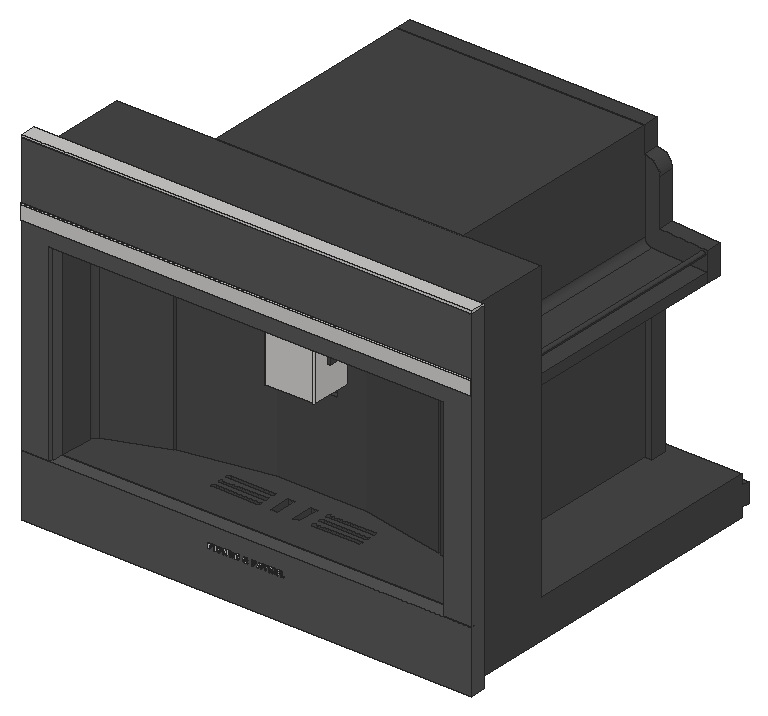
Revit family "FP_Revit_18_EB24DSXB1_Coffee_Maker_90000807A", category Specialty Equipment, Revit 2018
Family settings
  Round Connector Dimension = Use Diameter
  Part Type = Normal
  OmniClass Number = 23.40.40.14.17.31
  OmniClass Title = Small Specialized Cooking Equipment
  Work Plane-Based = No
  Always vertical = Yes
  Cut with Voids When Loaded = Yes
  Shared = No
  Room Calculation Point = No
Parameters (values of type "EB24DSXB1")
  Visibility - Clearance Required = yes
  URL = "www.fisherpaykel.com"
  Product - Width = 596 mm  # constant formula
  Product - Height = 458 mm  # constant formula
  Product - Depth = 480 mm  # constant formula
  Model = "EB24DSXB1"
  Material - Trim = Fisher & Paykel - Stainless Steel
  Material - Glass = Fisher & Paykel - Glass, Black
  Material - Body = Fisher & Paykel - Black
  Manufacturer = "Fisher & Paykel Appliances"
  FFL Offset [instance] = 860 mm
  Description = "Built in Coffee Maker 24\""
  Connector Description - Electrical = "120 V, 60 Hz, 11.25 A"
  Chassis - Width = 560 mm  # constant formula
  Chassis - Height = 445 mm  # constant formula
  Chassis - Depth = 460 mm  # constant formula
  Cavity - Width = 560 mm  # constant formula
  Cavity - Height = 460 mm  # constant formula
  Cavity - Depth = 545 mm  # constant formula
Reference planes
  plane 1 "Center (Front/Back)": y = 0
  plane 2: z = 0
  plane 3 "Center (Left/Right)": x = 0
  plane 4: z = 1320
  plane 5: z = 1318
  plane 6 "Product LHS": x = -298
  plane 7 "Product RHS": x = 298
  plane 8 "Cavity LHS": x = -300
  plane 9 "Cavity RHS": x = 300
  plane 10 "Cavity - Depth": y = 545
  plane 11 "Front Face": y = -20
  plane 12 "Product Depth": y = 460
  plane 13 "FFL Offset": z = 860
Forms (mm)
  Extrusion 1, solid, material "Fisher & Paykel - Glass, Black" <- "Material - Glass", detail levels fine
    sketch origin (0, 0, 915) x (0, 1, 0) y (0, 0, 1)
      loop
        line (0, -54) -> (0, 400) -> (-18.19, 400)
        arc (-18.19, 400) -> (-19.179, 399.792) -> (-20, 399.202) r 2.451
        line (-20, 399.202) -> (-20, 28.9) -> (-13, 28.9) -> (-13, 27.85) -> (-20, 27.85) -> (-20, -54) -> (0, -54)
    from -298 to 298
  Extrusion 2, solid, material "Fisher & Paykel - Stainless Steel" <- "Material - Trim", detail levels fine
    sketch origin (0, 0, 0) x (0, 1, 0) y (0, 0, 1)
      loop
        line (0, 1318) -> (-20, 1318) -> (-20, 1315) -> (0, 1315) -> (0, 1318)
    from -298 to 298
  Extrusion 3, solid, material "Fisher & Paykel - Stainless Steel" <- "Material - Trim", detail levels fine
    sketch origin (0, 0, 915) x (0, 1, 0) y (0, 0, 1)
      loop
        line (-20, 303) -> (-20, 322.8) -> (-20.827, 322.8) -> (-21.702, 320.52) -> (-21.702, 303) -> (-20, 303)
    from -298 to 298
  Extrusion 4, solid, material "Fisher & Paykel - Black" <- "Material - Body"
    sketch origin (0, 0, 0) x (0, 1, 0) y (0, 0, 1)
      loop
        line (116.01, 911.9) -> (116.01, 1305) -> (0, 1305) -> (0, 860) -> (450.02, 860) -> (450.02, 872.9) -> (460, 872.9) -> (460, 898.96) -> (450.02, 898.96) -> (450.02, 911.9) -> (116.01, 911.9)
    from -280 to 280
  Extrusion 5, solid, material "Fisher & Paykel - Black" <- "Material - Body", detail levels fine
    sketch origin (0, 0, 915) x (1, 0, 0) y (0, 0, 1)
      loop
        circle (255.488, 264.858) r 3
      loop
        arc (187.564, 248.08) -> (180.801, 250.881) -> (178, 257.644) r 9.564
        line (178, 257.644) -> (178, 390) -> (-150, 390) -> (-150, 258.403)
        arc (-150, 258.403) -> (-152.821, 251.442) -> (-159.691, 248.408) r 10
        line (-159.691, 248.408) -> (-261.967, 245.247) -> (-261.967, 232.285) -> (-159.605, 228.24)
        arc (-159.605, 228.24) -> (-152.791, 225.178) -> (-150, 218.248) r 10
        line (-150, 218.248) -> (-150, -3.1) -> (178, -3.1) -> (178, 219.061)
        arc (178, 219.061) -> (180.801, 225.824) -> (187.564, 228.625) r 9.564
        line (187.564, 228.625) -> (261.48, 231.852) -> (261.48, 244.856) -> (187.564, 248.08)
      loop
        circle (-255.488, 265.27) r 3
    from -415.81 to -116.01
  Extrusion 6, solid, material "Fisher & Paykel - Black" <- "Material - Body", detail levels fine
    sketch origin (0, 0, 0) x (1, 0, 0) y (0, 0, 1)
      loop
        line (261.48, 1185.549) -> (197.977, 1189.414) -> (197.977, 1250.8)
        arc (197.977, 1250.8) -> (192.126, 1264.926) -> (178, 1270.777) r 19.977
        line (178, 1270.777) -> (178, 1305) -> (-150.023, 1305) -> (-150.023, 1270.366)
        arc (-150.023, 1270.366) -> (-164.149, 1264.514) -> (-170, 1250.389) r 19.977
        line (-170, 1250.389) -> (-170, 1189.558) -> (-261.967, 1185.943) -> (-261.967, 1147.299) -> (-170, 1143.699) -> (-170, 860) -> (-120, 860) -> (-120, 1262.538) -> (145.224, 1262.538) -> (145.224, 911.9) -> (188.072, 911.9) -> (188.072, 1143.699) -> (261.48, 1146.905) -> (261.48, 1185.549)
    from -436.81 to -415.81
  Extrusion 7, void
    sketch origin (0, 0, 0) x (1, 0, 0) y (0, 1, 0)
      loop
        line (-261, -20.25) -> (261, -20.25) -> (261, -16.15) -> (258.097, 43.307)
        arc (258.097, 43.307) -> (256.532, 47.844) -> (252.912, 50.994) r 9.287
        arc (252.912, 50.994) -> (215.2, 66.982) -> (176.484, 80.359) r 600.007
        line (176.484, 80.359) -> (176.484, 87.818) -> (173.853, 87.818) -> (173.853, 81.162)
        arc (173.853, 81.162) -> (0, 106.902) -> (-173.853, 81.162) r 600.007
        line (-173.853, 81.162) -> (-173.853, 87.818) -> (-176.484, 87.818) -> (-176.484, 80.359)
        arc (-176.484, 80.359) -> (-215.2, 66.982) -> (-252.912, 50.994) r 600.007
        arc (-252.912, 50.994) -> (-256.532, 47.844) -> (-258.097, 43.307) r 9.287
        line (-258.097, 43.307) -> (-261, -16.15) -> (-261, -20.25)
    from 942.8 to 1197.8
  Extrusion 8, void
    sketch origin (0, 0, 0) x (1, 0, 0) y (0, 1, 0)
      loop
        arc (-96.162, 73.7) -> (-99.162, 70.7) -> (-96.162, 67.7) r 3
        line (-96.162, 67.7) -> (-36.788, 67.7)
        arc (-36.788, 67.7) -> (-33.788, 70.7) -> (-36.788, 73.7) r 3
        line (-36.788, 73.7) -> (-96.162, 73.7)
      loop
        arc (-96.162, 61.7) -> (-99.162, 58.7) -> (-96.162, 55.7) r 3
        line (-96.162, 55.7) -> (-36.788, 55.7)
        arc (-36.788, 55.7) -> (-33.788, 58.7) -> (-36.788, 61.7) r 3
        line (-36.788, 61.7) -> (-96.162, 61.7)
      loop
        arc (-96.162, 49.7) -> (-99.162, 46.7) -> (-96.162, 43.7) r 3
        line (-96.162, 43.7) -> (-36.788, 43.7)
        arc (-36.788, 43.7) -> (-33.788, 46.7) -> (-36.788, 49.7) r 3
        line (-36.788, 49.7) -> (-96.162, 49.7)
      loop
        line (-19.49, 73.102) -> (-19.49, 44.102) -> (-10.49, 44.102) -> (-10.49, 73.102) -> (-19.49, 73.102)
      loop
        line (96.162, 73.7) -> (36.788, 73.7)
        arc (36.788, 73.7) -> (33.788, 70.7) -> (36.788, 67.7) r 3
        line (36.788, 67.7) -> (96.162, 67.7)
        arc (96.162, 67.7) -> (99.162, 70.7) -> (96.162, 73.7) r 3
      loop
        line (96.162, 61.7) -> (36.788, 61.7)
        arc (36.788, 61.7) -> (33.788, 58.7) -> (36.788, 55.7) r 3
        line (36.788, 55.7) -> (96.162, 55.7)
        arc (96.162, 55.7) -> (99.162, 58.7) -> (96.162, 61.7) r 3
      loop
        line (96.162, 49.7) -> (36.788, 49.7)
        arc (36.788, 49.7) -> (33.788, 46.7) -> (36.788, 43.7) r 3
        line (36.788, 43.7) -> (96.162, 43.7)
        arc (96.162, 43.7) -> (99.162, 46.7) -> (96.162, 49.7) r 3
      loop
        line (19.49, 73.102) -> (10.49, 73.102) -> (10.49, 44.102) -> (19.49, 44.102) -> (19.49, 73.102)
    from 932.9 to 942.8
  Extrusion 9, solid, material "Fisher & Paykel - Black" <- "Material - Body"
    sketch origin (0, 0, 0) x (1, 0, 0) y (0, 1, 0)
      loop
        line (-238.877, 57.3) -> (238.036, 57.3) -> (238.036, 116.01) -> (-238.877, 116.01) -> (-238.877, 57.3)
    from 1171.8 to 1197.8
  Extrusion 10, solid, material "Fisher & Paykel - Stainless Steel" <- "Material - Trim"
    sketch origin (0, 0, 0) x (1, 0, 0) y (0, 1, 0)
      loop
        line (-33, 105.99) -> (-33, 52.807)
        arc (-33, 52.807) -> (-32.412, 51.388) -> (-30.993, 50.8) r 2.007
        line (-30.993, 50.8) -> (31, 50.8)
        arc (31, 50.8) -> (32.414, 51.386) -> (33, 52.8) r 2
        line (33, 52.8) -> (33, 105.99) -> (-33, 105.99)
    from 1083.8 to 1183.5
  Extrusion 11, void
    sketch origin (0, 0, 0) x (1, 0, 0) y (0, 0, 1)
      loop
        line (-19.5, 1083.8) -> (-19.5, 1061.827) -> (19.5, 1061.827) -> (19.5, 1083.8) -> (-19.5, 1083.8)
    from -115 to -105
  Extrusion 12, solid, material "Fisher & Paykel - Black" <- "Material - Body", detail levels fine
    sketch origin (0, 0, 0) x (1, 0, 0) y (0, 0, 1)
      loop
        line (45.9, 1172.885) -> (45.9, 1163.535) -> (47.549, 1163.535) -> (47.549, 1147.911)
        arc (47.549, 1147.911) -> (55.35, 1140.11) -> (63.15, 1147.911) r 7.801
        line (63.15, 1147.911) -> (63.15, 1163.235) -> (73.436, 1163.235) -> (73.436, 1172.885) -> (45.9, 1172.885)
    from -106.934 to -61.01
  Extrusion 13, solid, material "Fisher & Paykel - Black" <- "Material - Body", detail levels fine
    sketch origin (0, 0, 915) x (1, 0, 0) y (0, 0, 1)
      loop
        line (53.653, 257.885) -> (53.653, 225.297)
        arc (53.653, 225.297) -> (55.35, 225.11) -> (57.047, 225.297) r 7.805
        line (57.047, 225.297) -> (57.047, 257.885) -> (53.653, 257.885)
    from -61.01 to -47.51
  Extrusion 14, solid, material "Fisher & Paykel - Black" <- "Material - Body", detail levels fine
    sketch origin (0, 0, 915) x (1, 0, 0) y (0, 0, 1)
      loop
        line (115.224, 76.056) -> (75.224, 76.056) -> (75.224, 21.056) -> (115.224, 21.056) -> (115.224, 76.056)
    from -417 to -415.81
  Extrusion 15, solid, material "Fisher & Paykel - Black" <- "Material - Body", detail levels fine
    sketch origin (0, 0, 915) x (1, 0, 0) y (0, 0, 1)
      loop
        line (107.224, 68.056) -> (83.224, 68.056) -> (83.224, 29.056) -> (107.224, 29.056) -> (107.224, 68.056)
    from -436.81 to -417
  Extrusion 16, solid, material "Fisher & Paykel - Black" <- "Material - Body", detail levels fine
    sketch origin (0, 0, 0) x (1, 0, 0) y (0, 1, 0)
      loop
        circle (95.857, 430.81) r 5
    from 983.056 to 1003
  Extrusion 17, void
    sketch origin (0, 0, 915) x (0, 1, 0) y (0, 0, 1)
      loop
        line (445.9, -19.903) -> (0, -19.903) -> (0, -55) -> (445.9, -55) -> (445.9, -19.903)
    from -54 to 54
  Extrusion 18, solid, material "Fisher & Paykel - Black", detail levels fine
    sketch origin (0, 0, 0) x (1, 0, 0) y (0, 1, 0)
      loop
        line (-210.55, 31.63) -> (-210.55, 5.8) -> (-193.27, 5.8) -> (-193.27, 31.63) -> (-210.55, 31.63)
      loop
        line (-203.25, 13.924) -> (-203.25, 14.725)
        arc (-203.25, 14.725) -> (-201.75, 22.856) -> (-200.25, 14.725) r 4.204
        line (-200.25, 14.725) -> (-200.25, 13.924)
        arc (-200.25, 13.924) -> (-201.75, 23.687) -> (-203.25, 13.924) r 4.997
      loop
        line (-202.15, 17.61) -> (-202.15, 12.8) -> (-201.35, 12.8) -> (-201.35, 17.61) -> (-202.15, 17.61)
    from 1196.9 to 1197.8
  Extrusion 19, solid, material "Fisher & Paykel - Clearance Required", visible <- "Visibility - Clearance Required", detail levels coarse
    sketch origin (0, 0, 0) x (1, 0, 0) y (0, 1, 0)
      loop
        line (-300, 0) -> (-300, -20) -> (300, -20) -> (300, 0) -> (-300, 0)
    from 860 to 1320
  Extrusion 20, solid, material "Fisher & Paykel - Clearance Required", visible <- "Visibility - Clearance Required", detail levels coarse
    sketch origin (0, 0, 0) x (1, 0, 0) y (0, 1, 0)
      loop
        line (-280, 0) -> (280, 0) -> (280, 545) -> (-280, 545) -> (-280, 0)
    from 860 to 1310
  Extrusion 21, solid, material "Fisher & Paykel - Black" <- "Material - Body", detail levels coarse+medium
    sketch origin (0, -20, 915) x (-1, 0, 0) y (0, 0, 1)
      loop
        line (-197.977, 274.414) -> (-261.48, 274.414) -> (-261.48, 228.699) -> (-188.072, 228.699) -> (-188.072, -3.1) -> (170, -3.1) -> (170, 228.699) -> (261.967, 228.699) -> (261.967, 274.558) -> (170, 274.558) -> (170, 390.05) -> (-197.977, 390.05) -> (-197.977, 274.414)
    from 136.01 to 456.81
  Extrusion 22, solid, material "Fisher & Paykel - Glass, Black" <- "Material - Glass", detail levels coarse+medium
    sketch origin (0, 0, 915) x (1, 0, 0) y (0, 0, 1)
      loop
        line (-298, -54) -> (298, -54) -> (298, 403) -> (-298, 403) -> (-298, -54)
      loop
        line (261, 282.85) -> (-261, 282.85) -> (-261, 27.85) -> (261, 27.85) -> (261, 282.85)
    from 0 to 20
  Extrusion 23, void
    sketch origin (0, 0, 0) x (1, 0, 0) y (0, 1, 0)
      loop
        line (-280, 545) -> (-280, 0) -> (280, 0) -> (280, 545) -> (-280, 545)
    from 860 to 1310
  Extrusion 24, void
    sketch origin (0, 0, 0) x (1, 0, 0) y (0, 1, 0)
      loop
        line (-300, 0) -> (-300, -20) -> (300, -20) -> (300, 0) -> (-300, 0)
    from 860 to 1320
Cuts and joins
  Extrusion 7 cuts Extrusion 1
  Extrusion 7, Extrusion 8, Extrusion 11, Extrusion 17 cuts Extrusion 4
  joined: Extrusion 4, Extrusion 9
Lines and regions (mm)
  model lines, detail levels medium+fine
    curve 1: line (-47, -20, 1293.952) -> (47, -20, 1293.952)
    curve 2: line (-47, -20, 1240.952) -> (-47, -20, 1293.952)
    curve 3: line (47, -20, 1240.952) -> (-47, -20, 1240.952)
    curve 4: line (47, -20, 1293.952) -> (47, -20, 1240.952)
Text (mm)
  text "Due to ongoing product development, product details are subject to change without notice. \nPlease always refer to www.fisherpaykel.com for the most current product information. \n© Fisher & Paykel 2020" at (41.04, -248.295, 0), in view "Ref. Level (Plan)"
Dimensions and locks
  equal spacing: plane 6 "Product LHS", plane 3 "Center (Left/Right)", plane 7 "Product RHS"
  "Product - Width": plane 6 "Product LHS" to plane 7 "Product RHS"
  equal spacing: plane 8 "Cavity LHS", plane 3 "Center (Left/Right)", plane 9 "Cavity RHS"
  "Cavity - Depth": plane 10 "Cavity - Depth" to plane 1 "Center (Front/Back)"
  plane 11 "Front Face" to plane 1 "Center (Front/Back)" = 20 mm
  "Chassis - Depth": plane 1 "Center (Front/Back)" to plane 12 "Product Depth"
  "Product - Depth": plane 12 "Product Depth" to plane 11 "Front Face"
  "Chassis - Width": cut or joined group of Extrusion 4, Extrusion 7, Extrusion 8, Extrusion 9, Extrusion 11, Extrusion 17 to cut or joined group of Extrusion 4, Extrusion 7, Extrusion 8, Extrusion 9, Extrusion 11, Extrusion 17
  "FFL Offset": plane 13 "FFL Offset" to level
  "Chassis - Height": cut or joined group of Extrusion 4, Extrusion 7, Extrusion 8, Extrusion 9, Extrusion 11, Extrusion 17 to plane 13 "FFL Offset"
  "Product - Height": plane 5 to plane 13 "FFL Offset"
  "Cavity - Height": plane 4 to plane 13 "FFL Offset"
  locked: Extrusion 23 to plane 13 "FFL Offset" at 450
  locked: plane 5 to Extrusion 21 at 12.95
  locked: Extrusion 3 to plane 13 "FFL Offset" at 358
  locked: plane 13 "FFL Offset" to cut or joined group of Extrusion 1, Extrusion 7 at 1
  locked: plane 13 "FFL Offset" to cut or joined group of Extrusion 4, Extrusion 7, Extrusion 8, Extrusion 9, Extrusion 11, Extrusion 17 at 82.8
  locked: plane 13 "FFL Offset" to Extrusion 22 sketch curve at 337.85
  locked: cut or joined group of Extrusion 4, Extrusion 7, Extrusion 8, Extrusion 9, Extrusion 11, Extrusion 17 to plane 13 "FFL Offset" at 337.8
  locked: cut or joined group of Extrusion 4, Extrusion 7, Extrusion 8, Extrusion 9, Extrusion 11, Extrusion 17 to plane 13 "FFL Offset" at 51.9
  locked: plane 5 to Extrusion 3 at 100
  locked: plane 5 to Extrusion 22 at 120.15
  locked: plane 5 to Extrusion 22 at 375.15
  locked: Extrusion 16 to plane 13 "FFL Offset" at 143
  locked: cut or joined group of Extrusion 4, Extrusion 7, Extrusion 8, Extrusion 9, Extrusion 11, Extrusion 17 to cut or joined group of Extrusion 4, Extrusion 7, Extrusion 8, Extrusion 9, Extrusion 11, Extrusion 17 at 9.9
  locked: nested 1 to plane 13 "FFL Offset" at 61.04
  locked: Extrusion 10 to plane 13 "FFL Offset" at 323.5
  locked: Extrusion 10 to plane 13 "FFL Offset" at 223.8
  locked: cut or joined group of Extrusion 4, Extrusion 7, Extrusion 8, Extrusion 9, Extrusion 11, Extrusion 17 to plane 13 "FFL Offset" at 201.827
  locked: cut or joined group of Extrusion 4, Extrusion 7, Extrusion 8, Extrusion 9, Extrusion 11, Extrusion 17 to plane 13 "FFL Offset" at 311.8
  locked: Extrusion 12 to plane 13 "FFL Offset" at 312.885
  locked: Extrusion 22 to Extrusion 18 at 0.95
  locked: plane 5 to Extrusion 23 at 8
  locked: Extrusion 17 sketch curve to plane 13 "FFL Offset" at 35.097
  plane 5 to curve 3 = 77.048 mm
  locked: plane 5 to curve 1 at 24.048
  locked: Extrusion 15 to plane 13 "FFL Offset" at 84.056
  locked: Extrusion 15 to plane 13 "FFL Offset" at 123.056
  locked: plane 5 to curve 3 at 77.048
  plane 8 "Cavity LHS" to plane 9 "Cavity RHS" = 600 mm
  "Cavity - Width": Extrusion 23 to Extrusion 23
  aligned and locked: level to plane 2
  aligned and locked: Extrusion 3 to plane 7 "Product RHS"
  aligned and locked: plane 6 "Product LHS" to Extrusion 3
  aligned and locked: Extrusion 2 to plane 7 "Product RHS"
  aligned and locked: plane 6 "Product LHS" to Extrusion 2
  aligned and locked: plane 6 "Product LHS" to Extrusion 1
  aligned and locked: Extrusion 1 to plane 7 "Product RHS"
  aligned and locked: plane 9 "Cavity RHS" to Extrusion 19 sketch curve
  aligned and locked: Extrusion 19 sketch curve to plane 8 "Cavity LHS"
  aligned and locked: plane 1 "Center (Front/Back)" to Extrusion 19 sketch curve
  aligned and locked: Extrusion 5 to cut or joined group of Extrusion 4, Extrusion 7, Extrusion 8, Extrusion 9, Extrusion 11, Extrusion 17
  aligned and locked: Extrusion 5 to Extrusion 4
  aligned and locked: Extrusion 6 to Extrusion 5
  aligned and locked: plane 4 to Extrusion 24
  aligned and locked: plane 5 to Extrusion 2
  aligned and locked: Extrusion 24 to Extrusion 19
  aligned and locked: plane 5 to Extrusion 22 sketch curve
  aligned and locked: Extrusion 21 to Extrusion 5
  aligned and locked: Extrusion 5 to Extrusion 6
  aligned and locked: Extrusion 8 to Extrusion 7
  aligned and locked: Extrusion 11 to Extrusion 10
  aligned and locked: cut or joined group of Extrusion 1, Extrusion 7 to Extrusion 18
  aligned and locked: Extrusion 19 to Extrusion 17
  aligned and locked: plane 13 "FFL Offset" to Extrusion 4 sketch curve
  aligned and locked: Extrusion 4 to Extrusion 17
  aligned and locked: Extrusion 23 to cut or joined group of Extrusion 4, Extrusion 7, Extrusion 8, Extrusion 9, Extrusion 11, Extrusion 17
  aligned and locked: cut or joined group of Extrusion 4, Extrusion 7, Extrusion 8, Extrusion 9, Extrusion 11, Extrusion 17 to Extrusion 6
  aligned and locked: Extrusion 24 to cut or joined group of Extrusion 4, Extrusion 7, Extrusion 8, Extrusion 9, Extrusion 11, Extrusion 17
  aligned and locked: Extrusion 20 to Extrusion 23
  aligned and locked: Extrusion 20 to Extrusion 6
  aligned and locked: Extrusion 7 to Extrusion 9
  aligned and locked: Extrusion 16 to Extrusion 15
Automatic sketch dimensions
  Extrusion 3 sketch curve to Extrusion 3 sketch curve = 17.52 mm
  Extrusion 3 sketch curve to Extrusion 3 sketch curve = 0.875 mm
  Extrusion 3 sketch curve to Extrusion 3 sketch curve = 0.827 mm
  Extrusion 3 sketch curve to Extrusion 3 sketch curve = 2.28 mm
  Extrusion 7 sketch curve to Extrusion 7 sketch curve = 0 mm  (x4)
  Extrusion 7 sketch curve to plane 3 "Center (Left/Right)" = 0 mm
  Extrusion 7 sketch curve to plane 6 "Product LHS" = 124.147 mm
  Extrusion 7 sketch curve to Extrusion 7 sketch curve = 2.63 mm  (x2)
  Extrusion 7 sketch curve to plane 6 "Product LHS" = 49.167 mm
  Extrusion 7 sketch curve to Extrusion 7 sketch curve = 9.264 mm  (x2)
  Extrusion 7 sketch curve to plane 6 "Product LHS" = 37 mm
  plane 7 "Product RHS" to Extrusion 7 sketch curve = 124.147 mm
  plane 7 "Product RHS" to Extrusion 7 sketch curve = 49.167 mm
  plane 1 "Center (Front/Back)" to Extrusion 7 sketch curve = 16.15 mm
  plane 7 "Product RHS" to Extrusion 7 sketch curve = 37 mm
  plane 1 "Center (Front/Back)" to Extrusion 7 sketch curve = 493.105 mm
  Extrusion 7 sketch curve to plane 1 "Center (Front/Back)" = 42.65 mm  (x2)
  Extrusion 7 sketch curve to Extrusion 7 sketch curve = 0.657 mm  (x2)
  Extrusion 7 sketch curve to plane 1 "Center (Front/Back)" = 80.359 mm  (x2)
  Extrusion 7 sketch curve to Extrusion 7 sketch curve = 0.803 mm
  Extrusion 7 sketch curve to Extrusion 7 sketch curve = 6.656 mm  (x2)
  Extrusion 7 sketch curve to Extrusion 7 sketch curve = 4.1 mm  (x2)
  Extrusion 8 sketch curve to plane 3 "Center (Left/Right)" = 96.162 mm
  Extrusion 8 sketch curve to Extrusion 8 sketch curve = 0 mm  (x9)
  Extrusion 8 sketch curve to plane 3 "Center (Left/Right)" = 36.788 mm
  Extrusion 8 sketch curve to Extrusion 8 sketch curve = 17.298 mm  (x3)
  Extrusion 8 sketch curve to Extrusion 8 sketch curve = 9 mm  (x2)
  plane 3 "Center (Left/Right)" to Extrusion 8 sketch curve = 10.49 mm
  Extrusion 8 sketch curve to Extrusion 8 sketch curve = 59.375 mm
  Extrusion 8 sketch curve to plane 1 "Center (Front/Back)" = 43.7 mm  (x2)
  Extrusion 8 sketch curve to Extrusion 8 sketch curve = 0.402 mm
  Extrusion 8 sketch curve to Extrusion 8 sketch curve = 3 mm  (x6)
  Extrusion 8 sketch curve to Extrusion 8 sketch curve = 6 mm  (x4)
  Extrusion 8 sketch curve to Extrusion 8 sketch curve = 0.598 mm
  Extrusion 10 sketch curve to Extrusion 10 sketch curve = 2.007 mm
  Extrusion 10 sketch curve to Extrusion 10 sketch curve = 53.19 mm
  Extrusion 11 sketch curve to plane 3 "Center (Left/Right)" = 19.5 mm
  plane 3 "Center (Left/Right)" to Extrusion 11 sketch curve = 19.5 mm
  level to Extrusion 11 sketch curve = 1061.827 mm
  Extrusion 11 sketch curve to Extrusion 11 sketch curve = 21.973 mm
  Extrusion 12 sketch curve to Extrusion 12 sketch curve = 1.649 mm
  Extrusion 12 sketch curve to Extrusion 12 sketch curve = 7.801 mm
  Extrusion 12 sketch curve to Extrusion 12 sketch curve = 10.286 mm
  Extrusion 12 sketch curve to Extrusion 12 sketch curve = 15.324 mm
  Extrusion 12 sketch curve to Extrusion 12 sketch curve = 0.3 mm
  Extrusion 12 sketch curve to Extrusion 12 sketch curve = 9.35 mm
  Extrusion 13 sketch curve to Extrusion 13 sketch curve = 1.697 mm
  Extrusion 13 sketch curve to Extrusion 13 sketch curve = 7.618 mm
  Extrusion 13 sketch curve to Extrusion 13 sketch curve = 24.97 mm
  Extrusion 13 sketch curve to Extrusion 13 sketch curve = 3.394 mm
  Extrusion 14 sketch curve to Extrusion 14 sketch curve = 40 mm
  Extrusion 14 sketch curve to Extrusion 14 sketch curve = 55 mm
  Extrusion 15 sketch curve to Extrusion 15 sketch curve = 24 mm
  Extrusion 15 sketch curve to Extrusion 15 sketch curve = 39 mm
  level to Extrusion 17 sketch curve = 860 mm
  Extrusion 17 sketch curve to plane 1 "Center (Front/Back)" = 0 mm
  Extrusion 18 sketch curve to Extrusion 18 sketch curve = 7.3 mm
  Extrusion 18 sketch curve to Extrusion 18 sketch curve = 1.1 mm  (x2)
  Extrusion 18 sketch curve to Extrusion 18 sketch curve = 0.4 mm
  Extrusion 18 sketch curve to Extrusion 18 sketch curve = 0 mm
  Extrusion 18 sketch curve to Extrusion 18 sketch curve = 0.8 mm
  Extrusion 18 sketch curve to Extrusion 18 sketch curve = 8.08 mm
  Extrusion 18 sketch curve to Extrusion 18 sketch curve = 7 mm
  Extrusion 18 sketch curve to Extrusion 18 sketch curve = 1.124 mm
  Extrusion 18 sketch curve to Extrusion 18 sketch curve = 0.801 mm
  Extrusion 18 sketch curve to Extrusion 18 sketch curve = 2.885 mm
  Extrusion 18 sketch curve to Extrusion 18 sketch curve = 1.042 mm
  Extrusion 18 sketch curve to Extrusion 18 sketch curve = 0.038 mm
  Extrusion 18 sketch curve to Extrusion 18 sketch curve = 12.94 mm
  Extrusion 9 sketch curve to plane 6 "Product LHS" = 59.123 mm
  Extrusion 9 sketch curve to plane 1 "Center (Front/Back)" = 57.3 mm
  plane 7 "Product RHS" to Extrusion 9 sketch curve = 59.964 mm
  Extrusion 9 sketch curve to Extrusion 9 sketch curve = 58.71 mm
  plane 1 "Center (Front/Back)" to Extrusion 19 sketch curve = 20 mm
  Extrusion 17 sketch curve to plane 10 "Cavity - Depth" = 99.1 mm
  Extrusion 6 sketch curve to plane 6 "Product LHS" = 36.033 mm
  level to Extrusion 6 sketch curve = 860 mm
  Extrusion 6 sketch curve to plane 6 "Product LHS" = 128 mm
  Extrusion 6 sketch curve to Extrusion 6 sketch curve = 0 mm
  Extrusion 6 sketch curve to Extrusion 6 sketch curve = 19.977 mm
  Extrusion 6 sketch curve to Extrusion 6 sketch curve = 30.023 mm
  level to Extrusion 6 sketch curve = 911.9 mm
  plane 3 "Center (Left/Right)" to Extrusion 6 sketch curve = 145.224 mm
  Extrusion 6 sketch curve to plane 5 = 13 mm
  Extrusion 6 sketch curve to Extrusion 6 sketch curve = 32.776 mm
  Extrusion 6 sketch curve to Extrusion 6 sketch curve = 10.072 mm
  Extrusion 6 sketch curve to Extrusion 6 sketch curve = 9.905 mm
  plane 7 "Product RHS" to Extrusion 6 sketch curve = 36.52 mm
  Extrusion 6 sketch curve to Extrusion 6 sketch curve = 161.301 mm  (x2)
  Extrusion 6 sketch curve to Extrusion 6 sketch curve = 3.205 mm
  Extrusion 6 sketch curve to Extrusion 6 sketch curve = 3.6 mm
  Extrusion 6 sketch curve to Extrusion 6 sketch curve = 38.645 mm
  Extrusion 6 sketch curve to Extrusion 6 sketch curve = 38.644 mm
  Extrusion 6 sketch curve to Extrusion 6 sketch curve = 45.715 mm
  Extrusion 6 sketch curve to Extrusion 6 sketch curve = 45.858 mm
  Extrusion 6 sketch curve to Extrusion 6 sketch curve = 54.611 mm
  Extrusion 6 sketch curve to Extrusion 6 sketch curve = 54.2 mm
  Extrusion 6 sketch curve to Extrusion 6 sketch curve = 7.828 mm
  Extrusion 5 sketch curve to plane 6 "Product LHS" = 36.033 mm
  Extrusion 5 sketch curve to Extrusion 5 sketch curve = 6.478 mm
  Extrusion 5 sketch curve to Extrusion 5 sketch curve = 95.488 mm
  Extrusion 5 sketch curve to Extrusion 5 sketch curve = 0.309 mm  (x2)
  Extrusion 5 sketch curve to Extrusion 5 sketch curve = 0.395 mm
  Extrusion 5 sketch curve to Extrusion 5 sketch curve = 10 mm  (x2)
  plane 7 "Product RHS" to Extrusion 5 sketch curve = 120 mm  (x2)
  Extrusion 5 sketch curve to plane 5 = 13 mm
  Extrusion 5 sketch curve to Extrusion 5 sketch curve = 9.564 mm  (x2)
  plane 7 "Product RHS" to Extrusion 5 sketch curve = 42.512 mm
  Extrusion 5 sketch curve to Extrusion 5 sketch curve = 5.992 mm
  Extrusion 5 sketch curve to Extrusion 5 sketch curve = 171.752 mm
  Extrusion 5 sketch curve to Extrusion 5 sketch curve = 170.939 mm
  Extrusion 5 sketch curve to Extrusion 5 sketch curve = 3.227 mm
  Extrusion 5 sketch curve to Extrusion 5 sketch curve = 4.045 mm
  Extrusion 5 sketch curve to Extrusion 5 sketch curve = 13.004 mm
  Extrusion 5 sketch curve to Extrusion 5 sketch curve = 12.962 mm
  Extrusion 5 sketch curve to Extrusion 5 sketch curve = 20.168 mm
  Extrusion 5 sketch curve to Extrusion 5 sketch curve = 19.455 mm
  Extrusion 5 sketch curve to Extrusion 5 sketch curve = 20.001 mm
  Extrusion 5 sketch curve to Extrusion 5 sketch curve = 20.023 mm
  Extrusion 20 sketch curve to plane 10 "Cavity - Depth" = 0 mm
  plane 1 "Center (Front/Back)" to Extrusion 20 sketch curve = 0 mm
  Extrusion 20 sketch curve to plane 6 "Product LHS" = 18 mm
  plane 7 "Product RHS" to Extrusion 20 sketch curve = 18 mm
  level to Extrusion 5 sketch curve = 911.9 mm
  Extrusion 21 sketch curve to plane 5 = 12.95 mm
  plane 7 "Product RHS" to Extrusion 21 sketch curve = 100.023 mm
  Extrusion 21 sketch curve to Extrusion 21 sketch curve = 9.905 mm
  level to Extrusion 21 sketch curve = 911.9 mm
  Extrusion 21 sketch curve to plane 6 "Product LHS" = 128 mm  (x2)
  Extrusion 21 sketch curve to plane 6 "Product LHS" = 36.033 mm
  Extrusion 21 sketch curve to Extrusion 21 sketch curve = 161.351 mm  (x2)
  Extrusion 21 sketch curve to Extrusion 21 sketch curve = 45.858 mm
  plane 7 "Product RHS" to Extrusion 21 sketch curve = 36.52 mm
  Extrusion 21 sketch curve to Extrusion 21 sketch curve = 45.715 mm
  Extrusion 1 sketch curve to plane 11 "Front Face" = 0 mm  (x2)
  Extrusion 1 sketch curve to plane 1 "Center (Front/Back)" = 0 mm
  plane 11 "Front Face" to Extrusion 1 sketch curve = 1.81 mm
  plane 11 "Front Face" to Extrusion 1 sketch curve = 7 mm
  level to Extrusion 1 sketch curve = 861 mm
  Extrusion 1 sketch curve to Extrusion 1 sketch curve = 81.85 mm
  Extrusion 1 sketch curve to Extrusion 1 sketch curve = 1.05 mm
  Extrusion 1 sketch curve to plane 5 = 3 mm
  Extrusion 1 sketch curve to Extrusion 1 sketch curve = 2.451 mm
  Extrusion 23 sketch curve to plane 1 "Center (Front/Back)" = 0 mm
  plane 10 "Cavity - Depth" to Extrusion 23 sketch curve = 0 mm
  Extrusion 23 sketch curve to plane 6 "Product LHS" = 18 mm
  plane 7 "Product RHS" to Extrusion 23 sketch curve = 18 mm
  Extrusion 24 sketch curve to plane 8 "Cavity LHS" = 0 mm
  Extrusion 24 sketch curve to plane 9 "Cavity RHS" = 0 mm
  Extrusion 24 sketch curve to plane 1 "Center (Front/Back)" = 0 mm
  Extrusion 24 sketch curve to plane 11 "Front Face" = 0 mm
  Extrusion 2 sketch curve to plane 11 "Front Face" = 0 mm
  Extrusion 2 sketch curve to plane 1 "Center (Front/Back)" = 0 mm
  plane 13 "FFL Offset" to Extrusion 2 sketch curve = 455 mm
  Extrusion 2 sketch curve to Extrusion 2 sketch curve = 3 mm
  Extrusion 10 sketch curve to Extrusion 10 sketch curve = 61.993 mm
  Extrusion 10 sketch curve to Extrusion 10 sketch curve = 2 mm
  plane 6 "Product LHS" to Extrusion 22 sketch curve = 0 mm
  plane 7 "Product RHS" to Extrusion 22 sketch curve = 0 mm
  Extrusion 22 sketch curve to plane 6 "Product LHS" = 37 mm
  plane 7 "Product RHS" to Extrusion 22 sketch curve = 37 mm
  plane 13 "FFL Offset" to Extrusion 22 sketch curve = 82.85 mm
  plane 13 "FFL Offset" to Extrusion 22 sketch curve = 1 mm
  Extrusion 3 sketch curve to plane 11 "Front Face" = 0 mm
  Extrusion 3 sketch curve to plane 5 = 100 mm
  Extrusion 10 sketch curve to plane 3 "Center (Left/Right)" = 33 mm
  Extrusion 10 sketch curve to plane 1 "Center (Front/Back)" = 50.8 mm
  plane 3 "Center (Left/Right)" to Extrusion 12 sketch curve = 45.9 mm
  Extrusion 12 sketch curve to plane 5 = 170.089 mm
  plane 3 "Center (Left/Right)" to Extrusion 13 sketch curve = 53.653 mm
  Extrusion 13 sketch curve to plane 5 = 177.703 mm
  plane 3 "Center (Left/Right)" to Extrusion 14 sketch curve = 75.224 mm
  plane 13 "FFL Offset" to Extrusion 14 sketch curve = 76.056 mm
  plane 3 "Center (Left/Right)" to Extrusion 15 sketch curve = 83.224 mm
  plane 13 "FFL Offset" to Extrusion 15 sketch curve = 84.056 mm
  Extrusion 16 sketch curve to plane 12 "Product Depth" = 29.19 mm
  plane 3 "Center (Left/Right)" to Extrusion 16 sketch curve = 95.857 mm
  Extrusion 18 sketch curve to plane 1 "Center (Front/Back)" = 5.8 mm
  Extrusion 18 sketch curve to plane 6 "Product LHS" = 87.45 mm
  Extrusion 4 sketch curve to plane 1 "Center (Front/Back)" = 0 mm
  Extrusion 4 sketch curve to plane 12 "Product Depth" = 0 mm
  Extrusion 4 sketch curve to plane 5 = 13 mm
  Extrusion 4 sketch curve to plane 1 "Center (Front/Back)" = 116.01 mm
  Extrusion 4 sketch curve to plane 12 "Product Depth" = 9.98 mm
  Extrusion 4 sketch curve to Extrusion 4 sketch curve = 9.98 mm
  plane 13 "FFL Offset" to Extrusion 4 sketch curve = 12.9 mm
  Extrusion 4 sketch curve to Extrusion 4 sketch curve = 26.06 mm
  plane 13 "FFL Offset" to Extrusion 4 sketch curve = 51.9 mm
  plane 3 "Center (Left/Right)" to curve 1 = 47 mm
  curve 3 to plane 3 "Center (Left/Right)" = 47 mm
  radius of Extrusion 16 sketch curve = 5 mm
  radius of Extrusion 5 sketch curve = 3 mm  (x2)
Nested families
  nested 1: "F&P Logo 100mm" at (0, -20, 915), type "F&P Logo 100mm", detail levels fine
Connectors
  electrical at (95.857, 430.81, 1003), driven by "Connector Description - Electrical"
    settings: on Extrusion 16, index 1, voltage 120 V, apparent load 0 VA, apparent load phase1 0 VA, apparent load phase2 0 VA, apparent load phase3 0 VA, power factor 1, load classification "Other", number of poles 1, system type 30, power factor state 1, is connector primary yes, connector utility no, sub classification motor no, connector description "120 V, 60 Hz, 11.25 A"
Definition of nested family "F&P Logo 100mm"
  Parameters (values of type "F&P Logo 100mm")
    URL = "www.fisherpaykel.com"
    Material - Logo = none
    Manufacturer = "Fisher & Paykel Appliances"
  Reference planes
    plane 1 "Center (Front/Back)": y = 0
    plane 2: z = 0
    plane 3 "Center (Left/Right)": x = 0
  Forms (mm)
    Extrusion 1, solid, material <- "Material - Logo", detail levels fine
      sketch origin (0, 0, 0) x (1, 0, 0) y (0, 0, 1)
        loop
          line (-50.044, 0) -> (-48.47, 0) -> (-48.47, 2.138) -> (-46.011, 2.138) -> (-46.011, 3.472) -> (-48.47, 3.472) -> (-48.47, 4.712) -> (-45.795, 4.712) -> (-45.795, 6.04) -> (-50.044, 6.04) -> (-50.044, 0)
        loop
          line (-42.804, 6.04) -> (-42.804, 0) -> (-41.23, 0) -> (-41.23, 6.04) -> (-42.804, 6.04)
        loop
          line (-30.724, 6.04) -> (-30.724, 0) -> (-29.151, 0) -> (-29.151, 2.42) -> (-26.839, 2.42) -> (-26.839, 0) -> (-25.265, 0) -> (-25.265, 6.04) -> (-26.839, 6.04) -> (-26.839, 3.748) -> (-29.151, 3.748) -> (-29.151, 6.04) -> (-30.724, 6.04)
        loop
          line (-21.906, 6.04) -> (-21.906, 0) -> (-17.602, 0) -> (-17.602, 1.328) -> (-20.347, 1.328) -> (-20.347, 2.42) -> (-17.838, 2.42) -> (-17.838, 3.748) -> (-20.347, 3.748) -> (-20.347, 4.712) -> (-17.602, 4.712) -> (-17.602, 6.04) -> (-21.906, 6.04)
        loop
          line (45.667, 6.04) -> (45.667, 0) -> (49.956, 0) -> (49.956, 1.328) -> (47.241, 1.328) -> (47.241, 6.04) -> (45.667, 6.04)
        loop
          line (42.431, 6.04) -> (38.112, 6.04) -> (38.112, 0) -> (42.431, 0) -> (42.431, 1.328) -> (39.687, 1.328) -> (39.687, 2.42) -> (42.195, 2.42) -> (42.195, 3.748) -> (39.687, 3.748) -> (39.687, 4.712) -> (42.431, 4.712) -> (42.431, 6.04)
        loop
          line (33.451, 3.148) -> (35.683, 6.04) -> (33.844, 6.04) -> (31.915, 3.542) -> (31.915, 6.04) -> (30.342, 6.04) -> (30.342, 0) -> (31.915, 0) -> (31.915, 2.705) -> (33.903, 0) -> (35.763, 0) -> (33.451, 3.148)
        loop
          line (21.98, 6.04) -> (24.262, 2.42) -> (24.262, 0) -> (25.837, 0) -> (25.837, 2.341) -> (28.119, 6.04) -> (26.446, 6.04) -> (25.099, 3.707) -> (23.753, 6.04) -> (21.98, 6.04)
        loop
          line (18.479, 6.04) -> (16.983, 6.04) -> (14.524, 0) -> (16.069, 0) -> (16.501, 1.112) -> (18.921, 1.112) -> (19.354, 0) -> (20.938, 0) -> (18.479, 6.04)
        loop
          line (18.4, 2.439) -> (17.693, 4.174) -> (17.018, 2.439) -> (18.4, 2.439)
        loop
          line (8.031, 6.04) -> (8.031, 0) -> (9.605, 0) -> (9.605, 1.938) -> (10.599, 1.938)
          arc (10.599, 1.938) -> (12.65, 3.989) -> (10.599, 6.04) r 2.051
          line (10.599, 6.04) -> (8.031, 6.04)
        loop
          line (9.605, 4.712) -> (9.605, 3.197) -> (10.501, 3.197)
          arc (10.501, 3.197) -> (11.259, 3.954) -> (10.501, 4.712) r 0.757
          line (10.501, 4.712) -> (9.605, 4.712)
        loop
          line (-11.783, 6.04) -> (-14.366, 6.04) -> (-14.366, 0) -> (-12.792, 0) -> (-12.792, 1.336) -> (-11.992, 1.336) -> (-10.972, 0) -> (-9.153, 0) -> (-10.694, 1.973)
          arc (-10.694, 1.973) -> (-9.678, 4.424) -> (-11.783, 6.04) r 2.179
        loop
          line (-11.897, 4.712) -> (-12.792, 4.712) -> (-12.792, 3.053) -> (-11.897, 3.053)
          arc (-11.897, 3.053) -> (-11.068, 3.882) -> (-11.897, 4.712) r 0.83
        loop
          line (0.477, 4.712) -> (0.477, 6.153) -> (-3.575, 6.153) -> (-3.575, 4.851) -> (-2.974, 4.112)
          arc (-2.974, 4.112) -> (-3.51, 0.684) -> (-0.045, 0.512) r 2.334
          line (-0.045, 0.512) -> (0.46, -0.109) -> (2.246, -0.109) -> (0.86, 1.594) -> (2.061, 3.324) -> (0.443, 3.324) -> (-0.013, 2.667) -> (-1.677, 4.712) -> (0.477, 4.712)
        loop
          arc (-2.125, 3.068) -> (-2.269, 1.668) -> (-0.868, 1.524) r 0.996
          line (-0.868, 1.524) -> (-2.125, 3.068)
        loop
          line (-35.18, 3.634) -> (-36.516, 3.91)
          arc (-36.516, 3.91) -> (-37.049, 4.443) -> (-36.516, 4.976) r 0.533
          arc (-36.516, 4.976) -> (-35.235, 4.79) -> (-34.059, 4.248) r 4.505
          line (-34.059, 4.248) -> (-34.059, 5.743)
          arc (-34.059, 5.743) -> (-35.549, 6.179) -> (-37.1, 6.109) r 4.726
          arc (-37.1, 6.109) -> (-38.536, 4.335) -> (-37.1, 2.561) r 1.814
          line (-37.1, 2.561) -> (-35.754, 2.282)
          arc (-35.754, 2.282) -> (-35.221, 1.749) -> (-35.754, 1.216) r 0.533
          arc (-35.754, 1.216) -> (-37.035, 1.402) -> (-38.211, 1.945) r 4.505
          line (-38.211, 1.945) -> (-38.211, 0.449)
          arc (-38.211, 0.449) -> (-36.72, 0.013) -> (-35.169, 0.083) r 4.726
          arc (-35.169, 0.083) -> (-33.734, 1.863) -> (-35.18, 3.634) r 1.814
      from 0 to 0.8
  Dimensions and locks
    aligned and locked: level to plane 2
